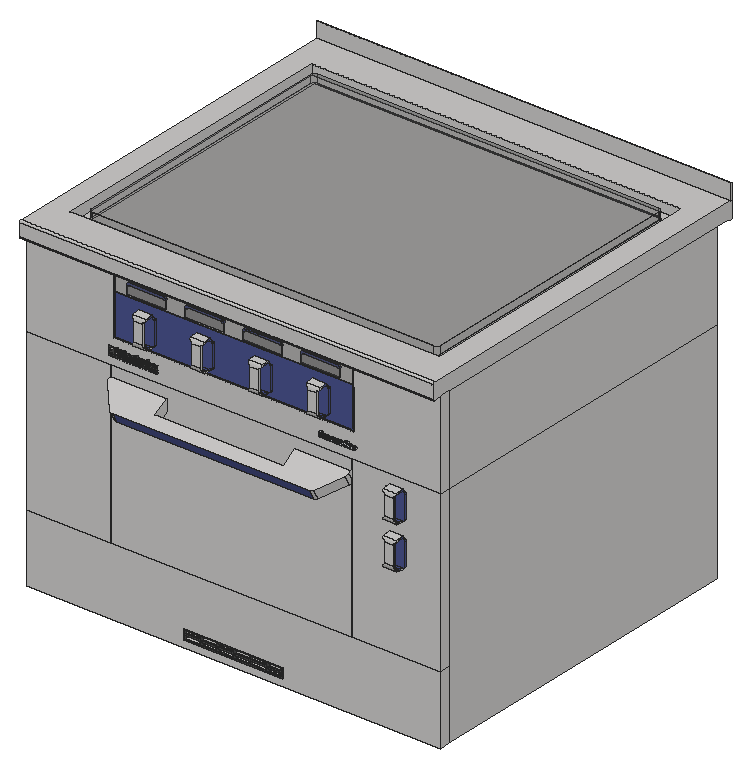
Revit family "QF_ELECTROLUXPROFESSIONAL_589664_MCTGFBJ8AO", category Attrezzature speciali, Revit 2020 (continued)
Definition of nested family "Front_Panel_W1000_4 Knobs"
  Definition of nested family "ELX_Professional_Logo_Small"
    Forms (mm)
      Extrusion 2, solid, material <- "Material_Logo"
        sketch origin (15.5, 0, 0) x (1, 0, 0) y (0, 1, 0)
          loop
            spline (3.898, 6.983) -> (3.469, 7.009) -> (3.056, 7.001) -> (2.661, 6.961) -> (2.283, 6.888) -> (1.925, 6.785) -> (1.588, 6.652) -> (1.272, 6.49) -> (0.979, 6.301) -> (0.71, 6.085) -> (0.465, 5.844) -> (0.247, 5.578) -> (0.056, 5.289)
            line (0.056, 5.289) -> (0.056, 6.838) -> (-2.402, 6.838) -> (-2.402, -3.572) -> (0.056, -3.572) -> (0.056, 1.901)
            spline (0.056, 1.901) -> (0.079, 2.316) -> (0.145, 2.703) -> (0.254, 3.06) -> (0.404, 3.386) -> (0.592, 3.679) -> (0.818, 3.938) -> (1.08, 4.162) -> (1.375, 4.348) -> (1.703, 4.495) -> (2.062, 4.602) -> (2.45, 4.668) -> (2.865, 4.69)
            line (2.865, 4.69) -> (3.898, 4.586) -> (3.898, 6.983)
          loop
            spline (15.638, 1.633) -> (15.586, 2.396) -> (15.435, 3.124) -> (15.192, 3.81) -> (14.863, 4.449) -> (14.455, 5.034) -> (13.975, 5.56) -> (13.43, 6.021) -> (12.826, 6.411) -> (12.17, 6.724) -> (11.469, 6.955) -> (10.729, 7.098) -> (9.958, 7.147)
            spline (9.958, 7.147) -> (9.182, 7.098) -> (8.44, 6.955) -> (7.737, 6.724) -> (7.081, 6.411) -> (6.477, 6.021) -> (5.933, 5.56) -> (5.454, 5.034) -> (5.048, 4.449) -> (4.721, 3.81) -> (4.479, 3.124) -> (4.329, 2.396) -> (4.277, 1.633)
            spline (4.277, 1.633) -> (4.329, 0.869) -> (4.479, 0.141) -> (4.721, -0.544) -> (5.048, -1.183) -> (5.454, -1.768) -> (5.933, -2.294) -> (6.477, -2.755) -> (7.081, -3.145) -> (7.737, -3.459) -> (8.44, -3.69) -> (9.182, -3.833) -> (9.958, -3.882)
            spline (9.958, -3.882) -> (10.729, -3.833) -> (11.469, -3.69) -> (12.17, -3.459) -> (12.826, -3.145) -> (13.43, -2.755) -> (13.975, -2.294) -> (14.455, -1.768) -> (14.863, -1.183) -> (15.192, -0.544) -> (15.435, 0.141) -> (15.586, 0.869) -> (15.638, 1.633)
          loop
            spline (13.18, 1.633) -> (13.151, 2.083) -> (13.067, 2.513) -> (12.932, 2.918) -> (12.748, 3.296) -> (12.52, 3.642) -> (12.251, 3.954) -> (11.943, 4.227) -> (11.601, 4.459) -> (11.228, 4.645) -> (10.828, 4.782) -> (10.403, 4.867) -> (9.958, 4.896)
            spline (9.958, 4.896) -> (9.509, 4.867) -> (9.081, 4.782) -> (8.679, 4.645) -> (8.306, 4.459) -> (7.964, 4.227) -> (7.658, 3.954) -> (7.39, 3.642) -> (7.163, 3.296) -> (6.981, 2.918) -> (6.847, 2.513) -> (6.765, 2.083) -> (6.736, 1.633)
            spline (6.736, 1.633) -> (6.765, 1.182) -> (6.847, 0.753) -> (6.981, 0.347) -> (7.163, -0.031) -> (7.39, -0.377) -> (7.658, -0.689) -> (7.964, -0.962) -> (8.306, -1.193) -> (8.679, -1.38) -> (9.081, -1.517) -> (9.509, -1.602) -> (9.958, -1.631)
            spline (9.958, -1.631) -> (10.403, -1.602) -> (10.828, -1.517) -> (11.228, -1.38) -> (11.601, -1.193) -> (11.943, -0.962) -> (12.251, -0.689) -> (12.52, -0.377) -> (12.748, -0.031) -> (12.932, 0.347) -> (13.067, 0.753) -> (13.151, 1.182) -> (13.18, 1.633)
          loop
            line (17.162, 4.269) -> (17.162, -3.573) -> (19.642, -3.573) -> (19.642, 10.824) -> (17.162, 10.824) -> (17.162, 4.269)
          loop
            line (28.581, 6.838) -> (28.581, 0.786)
            spline (28.581, 0.786) -> (28.561, 0.393) -> (28.503, 0.038) -> (28.409, -0.279) -> (28.281, -0.559) -> (28.122, -0.802) -> (27.933, -1.011) -> (27.717, -1.185) -> (27.476, -1.325) -> (27.213, -1.433) -> (26.929, -1.509) -> (26.626, -1.554) -> (26.308, -1.569)
            spline (26.308, -1.569) -> (25.99, -1.554) -> (25.688, -1.509) -> (25.404, -1.434) -> (25.141, -1.326) -> (24.9, -1.187) -> (24.684, -1.014) -> (24.496, -0.807) -> (24.336, -0.565) -> (24.209, -0.288) -> (24.115, 0.026) -> (24.057, 0.376) -> (24.037, 0.765)
            line (24.037, 0.765) -> (24.037, 6.838) -> (21.537, 6.838) -> (21.537, 0.558)
            spline (21.537, 0.558) -> (21.581, -0.153) -> (21.71, -0.8) -> (21.916, -1.384) -> (22.195, -1.904) -> (22.54, -2.362) -> (22.944, -2.757) -> (23.403, -3.09) -> (23.909, -3.362) -> (24.456, -3.572) -> (25.04, -3.722) -> (25.652, -3.811) -> (26.288, -3.841)
            spline (26.288, -3.841) -> (26.929, -3.811) -> (27.547, -3.72) -> (28.135, -3.568) -> (28.687, -3.355) -> (29.197, -3.079) -> (29.66, -2.741) -> (30.068, -2.341) -> (30.415, -1.877) -> (30.696, -1.349) -> (30.905, -0.757) -> (31.034, -0.101) -> (31.079, 0.621)
            line (31.079, 0.621) -> (31.079, 6.838) -> (28.581, 6.838)
          loop
            line (40.457, -0.243) -> (38.894, 1.942) -> (40.83, 4.579) -> (42.488, 6.837) -> (39.782, 6.837) -> (37.53, 3.719) -> (35.258, 6.837) -> (32.573, 6.837) -> (34.113, 4.731) -> (36.167, 1.922) -> (34.014, -1.076) -> (32.222, -3.573) -> (34.887, -3.573) -> (37.53, 0.104) -> (40.174, -3.573) -> (42.839, -3.573) -> (40.457, -0.243)
          loop
            line (-46.121, -5.837) -> (-48.039, -5.837) -> (-48.039, -10.814) -> (-47.016, -10.814) -> (-47.016, -9.128) -> (-46.121, -9.128)
            arc (-46.121, -9.128) -> (-44.476, -7.482) -> (-46.121, -5.837) r 1.645
          loop
            line (-46.163, -6.778) -> (-47.016, -6.778) -> (-47.016, -8.187) -> (-46.163, -8.187)
            arc (-46.163, -8.187) -> (-45.458, -7.482) -> (-46.163, -6.778) r 0.704
          loop
            line (-38.313, -5.837) -> (-40.265, -5.837) -> (-40.265, -10.814) -> (-39.241, -10.814) -> (-39.241, -9.1) -> (-38.46, -9.182) -> (-37.48, -10.814) -> (-36.318, -10.814) -> (-37.513, -8.848)
            arc (-37.513, -8.848) -> (-36.888, -8.266) -> (-36.671, -7.441) r 1.536
            arc (-36.671, -7.441) -> (-37.165, -6.305) -> (-38.313, -5.837) r 1.643
          loop
            arc (-38.402, -8.166) -> (-37.707, -7.505) -> (-38.334, -6.778) r 0.696
            line (-38.334, -6.778) -> (-39.241, -6.778) -> (-39.241, -8.166) -> (-38.402, -8.166)
          loop
            circle (-29.965, -8.325) r 2.585
          loop
            circle (-29.965, -8.325) r 1.64
          loop
            line (-23.1, -5.837) -> (-23.1, -10.814) -> (-22.076, -10.814) -> (-22.076, -8.768) -> (-20.204, -8.768) -> (-20.204, -7.828) -> (-22.076, -7.828) -> (-22.076, -6.778) -> (-20.024, -6.778) -> (-20.024, -5.837) -> (-23.1, -5.837)
          loop
            line (-15.802, -5.837) -> (-15.802, -9.2)
            arc (-15.802, -9.2) -> (-15.343, -10.34) -> (-14.209, -10.814) r 1.593
            line (-14.209, -10.814) -> (-12.602, -10.814) -> (-12.602, -10.027) -> (-14.004, -10.027)
            arc (-14.004, -10.027) -> (-14.552, -9.8) -> (-14.779, -9.252) r 0.775
            line (-14.779, -9.252) -> (-14.779, -8.424) -> (-12.789, -8.424) -> (-12.789, -7.642) -> (-14.779, -7.642) -> (-14.779, -6.778) -> (-12.651, -6.778) -> (-12.651, -5.837) -> (-15.802, -5.837)
          loop
            line (-5.909, -7.143) -> (-5.173, -6.638)
            arc (-5.173, -6.638) -> (-5.855, -5.974) -> (-6.781, -5.755) r 1.782
            arc (-6.781, -5.755) -> (-7.397, -5.878) -> (-7.944, -6.189) r 1.974
            arc (-7.944, -6.189) -> (-8.202, -6.5) -> (-8.317, -6.888) r 1.013
            arc (-8.317, -6.888) -> (-8.306, -7.341) -> (-8.192, -7.78) r 1.985
            arc (-8.192, -7.78) -> (-7.749, -8.259) -> (-7.171, -8.563) r 1.928
            arc (-7.171, -8.563) -> (-6.637, -8.779) -> (-6.131, -9.056) r 5.041
            arc (-6.131, -9.056) -> (-5.934, -9.387) -> (-6.09, -9.74) r 0.42
            arc (-6.09, -9.74) -> (-6.631, -9.96) -> (-7.204, -9.845) r 1.016
            arc (-7.204, -9.845) -> (-7.625, -9.603) -> (-7.889, -9.196) r 1.033
            line (-7.889, -9.196) -> (-8.67, -9.686)
            arc (-8.67, -9.686) -> (-8.361, -10.198) -> (-7.908, -10.589) r 1.914
            arc (-7.908, -10.589) -> (-7.334, -10.834) -> (-6.714, -10.896) r 2.063
            arc (-6.714, -10.896) -> (-5.947, -10.743) -> (-5.256, -10.376) r 2.696
            arc (-5.256, -10.376) -> (-4.95, -9.565) -> (-5.108, -8.712) r 1.618
            arc (-5.108, -8.712) -> (-5.448, -8.319) -> (-5.884, -8.035) r 1.876
            arc (-5.884, -8.035) -> (-6.434, -7.789) -> (-6.999, -7.577) r 9.883
            arc (-6.999, -7.577) -> (-7.325, -7.07) -> (-6.854, -6.694) r 0.45
            arc (-6.854, -6.694) -> (-6.329, -6.809) -> (-5.909, -7.143) r 1.197
          loop
            line (1.61, -7.143) -> (2.345, -6.638)
            arc (2.345, -6.638) -> (1.663, -5.974) -> (0.737, -5.755) r 1.782
            arc (0.737, -5.755) -> (0.121, -5.878) -> (-0.425, -6.189) r 1.974
            arc (-0.425, -6.189) -> (-0.683, -6.5) -> (-0.799, -6.888) r 1.013
            arc (-0.799, -6.888) -> (-0.788, -7.341) -> (-0.674, -7.78) r 1.985
            arc (-0.674, -7.78) -> (-0.231, -8.259) -> (0.347, -8.563) r 1.928
            arc (0.347, -8.563) -> (0.881, -8.779) -> (1.387, -9.056) r 5.041
            arc (1.387, -9.056) -> (1.584, -9.387) -> (1.428, -9.74) r 0.42
            arc (1.428, -9.74) -> (0.887, -9.96) -> (0.314, -9.845) r 1.016
            arc (0.314, -9.845) -> (-0.107, -9.603) -> (-0.371, -9.196) r 1.033
            line (-0.371, -9.196) -> (-1.152, -9.686)
            arc (-1.152, -9.686) -> (-0.842, -10.198) -> (-0.39, -10.589) r 1.914
            arc (-0.39, -10.589) -> (0.184, -10.834) -> (0.804, -10.896) r 2.063
            arc (0.804, -10.896) -> (1.572, -10.743) -> (2.263, -10.376) r 2.696
            arc (2.263, -10.376) -> (2.568, -9.565) -> (2.411, -8.712) r 1.618
            arc (2.411, -8.712) -> (2.07, -8.319) -> (1.635, -8.035) r 1.876
            arc (1.635, -8.035) -> (1.084, -7.789) -> (0.519, -7.577) r 9.883
            arc (0.519, -7.577) -> (0.193, -7.07) -> (0.665, -6.694) r 0.45
            arc (0.665, -6.694) -> (1.189, -6.809) -> (1.61, -7.143) r 1.197
          loop
            line (6.801, -5.837) -> (6.801, -10.814) -> (7.825, -10.814) -> (7.825, -5.837) -> (6.801, -5.837)
          loop
            circle (14.724, -8.325) r 1.548
          loop
            circle (14.724, -8.325) r 2.585
          loop
            line (21.59, -10.814) -> (22.623, -10.814) -> (22.623, -7.685) -> (24.9, -10.814) -> (25.895, -10.814) -> (25.895, -5.837) -> (24.861, -5.837) -> (24.861, -9.061) -> (22.585, -5.837) -> (21.59, -5.837) -> (21.59, -10.814)
          loop
            line (31.054, -10.814) -> (31.539, -9.74) -> (33.38, -9.74) -> (33.865, -10.814) -> (34.965, -10.814) -> (32.46, -5.837) -> (29.956, -10.814) -> (31.054, -10.814)
          loop
            line (32.46, -7.698) -> (31.999, -8.719) -> (32.921, -8.719) -> (32.46, -7.698)
          loop
            line (40.047, -9.873) -> (40.047, -5.837) -> (39.024, -5.837) -> (39.024, -10.814) -> (41.961, -10.814) -> (41.961, -9.873) -> (40.047, -9.873)
          loop
            line (-74.986, -10.814) -> (-53.322, -10.814) -> (-53.322, 10.82) -> (-74.986, 10.82) -> (-74.986, -10.814)
          loop
            line (-61.261, 9.758) -> (-61.261, -9.707)
            arc (-61.261, -9.707) -> (-54.066, 0.025) -> (-61.261, 9.758) r 10.18
          loop
            line (-62.251, 8.349) -> (-62.251, 9.758)
            arc (-62.251, 9.758) -> (-70.347, 7.918) -> (-74.247, 0.59) r 9.976
            line (-74.247, 0.59) -> (-71.026, 0.59)
            arc (-71.026, 0.59) -> (-65.274, 2.925) -> (-62.251, 8.349) r 9.351
          loop
            arc (-74.247, -0.539) -> (-70.353, -7.928) -> (-62.251, -9.957) r 10.237
            line (-62.251, -9.957) -> (-62.251, -8.298)
            arc (-62.251, -8.298) -> (-65.274, -2.874) -> (-71.026, -0.539) r 9.351
            line (-71.026, -0.539) -> (-74.247, -0.539)
        from 0 to 1.644
    Dimensions and locks
      aligned and locked: plane 2 to Extrusion 1
      aligned and locked: level to Extrusion 1
